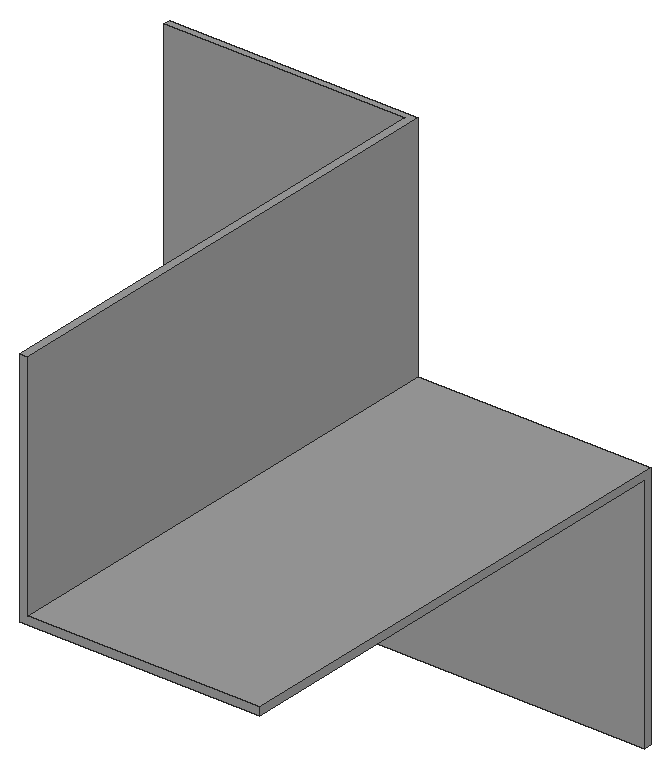
Revit family "Flashing_Preformed_Hyload_Type-W2", category Generic Models, Revit 2016
Family settings
  Part Type = Normal
  Can host rebar = No
  Round Connector Dimension = Use Diameter
  OmniClass Number = 23.20.30.24.11
  OmniClass Title = Embedded Flashing
  Work Plane-Based = No
  Always vertical = Yes
  Cut with Voids When Loaded = No
  Shared = No
  Room Calculation Point = No
Parameters (values of type "As Specified")
  Unit Width = 0' - 7 1/8"
  Unit Height = 0' - 2"
  Unit Depth = 0' - 4"
  URL = "http://www.hyload.com/"
  Thickness = 0' - 0 1/16"
  Specification = "http://www.arcat.com/sdspecs/htm04/07_65_00hyl.htm"
  Sales Information = "http://www.hyload.com/contact-us"
  Revision = "R1_12-2015"
  Product Properties = "http://www.hyload.com/masonry-flashing/preformed-shapes/"
  Product Data = "http://www.arcat.com/arcatcos/cos33/arc33176.html"
  Model = "Type W2"
  Manufacturer Website = "http://www.hyload.com/"
  Manufacturer Phone - Toll Free = "800-457-4056"
  Manufacturer Phone = "330-769-3546"
  Manufacturer Fax = "330-769-4153"
  Manufacturer Address = "5020 Panther Pkwy., Seville, OH 44273"
  Manufacturer = "Hyload"
  Keynote = "07 65 00"
  Flashing Material = Hyload Flashing Membrane - Grey
  Drawn By = "Robert S. Weygant / Sumex Design"
  Description = "Preformed Hyload Masonry Flashing - Type W2"
  Copyright = "(c) ARCAT, Inc, 2015"
  Construction Details = "http://www.arcat.com/details/hyload/hyload.html?coid=33176"
  Assembly Code = "B3010400"
Reference planes (in)
  plane 1 "Center (Front/Back)": y = 0
  plane 2: z = 0
  plane 3 "Center (Left/Right)": x = 0
  plane 4: x = 2
  plane 5: z = 2
  plane 6: y = -4
  plane 7: z = 4
Forms (in)
  Sweep 1, solid, material "Hyload Flashing Membrane - Grey" <- "Flashing Material"
    path origin (0, 0, 0) x (1, 0, 0) y (0, 0, 1)
      loop
        line (2, 2) -> (0, 2) -> (0, 4)
    profile origin (1, 0, 2) x (0, 0, -1) y (0, -1, 0)
      loop
        line (0, 0) -> (0, 4) -> (-0.0625, 4) -> (-0.0625, -0.0625) -> (2, -0.0625) -> (2, 0) -> (0, 0)
Dimensions and locks (in)
  "Unit Height": plane 5 to level
  "Unit Depth": plane 1 "Center (Front/Back)" to plane 6
  plane 7 to level = 0' - 4"
  plane 4 to plane 3 "Center (Left/Right)" = 0' - 2"
  "Thickness": Sweep 1 sketch curve to plane 1 "Center (Front/Back)"
  "Thickness": Sweep 1 sketch curve to plane 5
  aligned and locked: plane 2 to level
  aligned and locked: plane 3 "Center (Left/Right)" to Sweep 1 sketch curve
  aligned and locked: plane 5 to Sweep 1 sketch curve  (x2)
  aligned and locked: Sweep 1 sketch curve to plane 6
  aligned and locked: Sweep 1 sketch curve to level
  aligned and locked: plane 7 to Sweep 1 sketch curve
  aligned and locked: Sweep 1 sketch curve to plane 1 "Center (Front/Back)"
Automatic sketch dimensions
  Sweep 1 sketch curve to plane 4 = 0' - 0"
